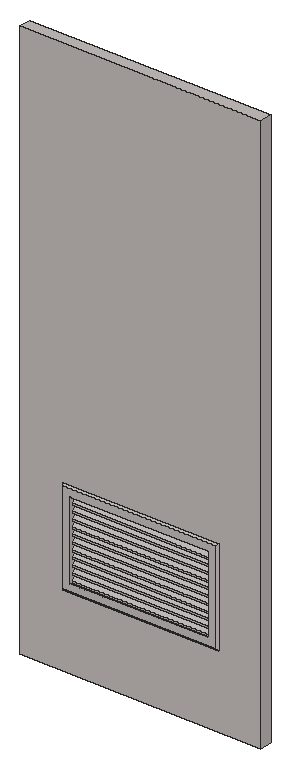
Revit family "Door-Panel_Galaxy-Metal-Doors_Louver", category Doors, Revit 2026
Family settings
  Classification Number = 23.30.10.11.14
  Work Plane-Based = No
  Always vertical = Yes
  Cut with Voids When Loaded = No
  Shared = Yes
  Room Calculation Point = No
Parameters
  offset [instance] = 0' - 0"
  Width [instance] = 3' - 0"
  Warranty Duration (Years) = 0
  URL = "galaxymetalproducts.com"
  Thickness [instance] = 0' - 1 3/4"
  Specification = "http://www.arcat.com/sd/clients/galaxyme.html?coid=48404"
  SpecWizard = ""
  Send Message = "http://www.arcat.com/arcatcos/cos48/arc48404.html"
  Sales Information = "http://www.arcat.com/arcatcos/cos48/arc48404.html"
  Revision = "R1_04-2017"
  Rail Width Base = 1' - 0"
  Product Properties = ""
  Product Data = "http://www.arcat.com/arcatcos/cos48/arc48404.html"
  Panel Material [instance] = Metal - Steel - Galaxy - Primed
  Model = "As Specified"
  Manufacturer Website = "http://galaxymetalproducts.com/"
  Manufacturer Phone - Toll Free = "800-294-8199"
  Manufacturer Phone = "800-294-8199"
  Manufacturer Fax = ""
  Manufacturer Address = "2960 Woodbridge Ave. Edison, NJ 08837"
  Manufacturer = "Galaxy Metal Products, LLC"
  Maintenance Schedule (Months) = 0
  Louver Width = 1' - 9"
  Louver Height = 1' - 0"
  Keynote = "08 11 10"
  Installation-Fabrication = ""
  Installation Phase = ""
  Height [instance] = 7' - 0"
  Green Building-LEED = "http://www.arcat.com/green/clients/leed_data_48404.html"
  Function = Interior
  Expected Lifespan (Years) = 0
  Drawn By = "Sumex Design, Inc. / Robert S. Weygant, CSI, CDT, SCIP"
  Description = ""
  Copyright = "©Arcat Inc."
  Construction Details = "http://www.arcat.com/details/galaxyme/prod3845.html"
  Assembly Code = "C1020110"
Reference planes (in)
  plane 1 "Center (Front/Back)": y = 0
  plane 2 "Bottom": z = 0
  plane 3 "Center (Left/Right)": x = 0
  plane 4 "Front": y = -0.875
  plane 5 "Back": y = 0.875
  plane 6 "Left": x = -18
  plane 7 "Right": x = 18
  plane 8 "Top": z = 84
  plane 9: z = 42
  plane 10: x = -10.5
  plane 11: x = 10.5
  plane 12: z = 12
  plane 13: z = 24
Forms (in)
  Extrusion 1, solid, material "Metal - Steel - Galaxy - Primed" <- "Panel Material"
    sketch origin (-11.94222, 0.875, 48) x (-1, 0, 0) y (0, 0, 1)
      loop
        line (6.05778, 36) -> (-29.94222, 36) -> (-29.94222, -48) -> (6.05778, -48) -> (6.05778, 36)
      loop
        line (-1.44222, -24) -> (-22.44222, -24) -> (-22.44222, -36) -> (-1.44222, -36) -> (-1.44222, -24)
    from 0 to -1.75
Lines and regions (in)
  symbolic lines, style "Plan Swing"
    curve 1: arc (-18, 0.875, 0) -> (-7.45584, 26.33084, 0) -> (18, 36.875, 0) r 36
    curve 2: line (18, 0.875, 0) -> (16.25, 0.875, 0)
    curve 3: line (18, 36.875, 0) -> (18, 0.875, 0)
    curve 4: line (16.25, 36.875, 0) -> (18, 36.875, 0)
    curve 5: line (16.25, 0.875, 0) -> (16.25, 36.875, 0)
  symbolic lines, style "Elevation Swing"
    curve 6: line (-18, 0, 84) -> (18, 0, 42)
    curve 7: line (18, 0, 42) -> (-18, 0, 0)
Dimensions and locks (in)
  equal spacing: plane 6 "Left", plane 3 "Center (Left/Right)", plane 7 "Right"
  "Width": plane 6 "Left" to plane 7 "Right"
  equal spacing: plane 5 "Back", plane 1 "Center (Front/Back)", plane 4 "Front"
  "Thickness": plane 5 "Back" to plane 4 "Front"
  "Height": plane 8 "Top" to plane 2 "Bottom"
  "Width": curve 4 to plane 5 "Back"
  "Thickness": curve 5 to plane 7 "Right"
  equal spacing: plane 8 "Top", plane 9, level
  equal spacing: plane 11, plane 3 "Center (Left/Right)", plane 10
  "Louver Width": plane 11 to plane 10
  "Rail Width Base": plane 12 to level
  "Louver Height": plane 13 to plane 12
  aligned and locked: Extrusion 1 to plane 4 "Front"
  aligned and locked: plane 3 "Center (Left/Right)" to nested 1
  aligned and locked: plane 1 "Center (Front/Back)" to nested 1
  aligned and locked: plane 12 to nested 1
  aligned and locked: plane 2 "Bottom" to level
Automatic sketch dimensions
  curve 1 to plane 5 "Back" = 0' - 0"
  curve 1 to plane 6 "Left" = 0' - 0"
  curve 5 to plane 5 "Back" = 0' - 0"
  curve 3 to plane 7 "Right" = 0' - 0"
  curve 7 to level = 0' - 0"
  curve 7 to plane 6 "Left" = 0' - 0"
  curve 6 to plane 6 "Left" = 0' - 0"
  curve 6 to plane 7 "Right" = 0' - 0"
  curve 6 to plane 9 = 0' - 0"
  curve 6 to plane 8 "Top" = 0' - 0"
  Extrusion 1 sketch curve to plane 7 "Right" = 0' - 0"
  Extrusion 1 sketch curve to plane 11 = 0' - 0"
  Extrusion 1 sketch curve to plane 10 = 0' - 0"
  Extrusion 1 sketch curve to level = 0' - 0"
  Extrusion 1 sketch curve to plane 6 "Left" = 0' - 0"
  Extrusion 1 sketch curve to plane 12 = 0' - 0"
  Extrusion 1 sketch curve to plane 13 = 0' - 0"
  Extrusion 1 sketch curve to plane 8 "Top" = 0' - 0"
Nested families (in)
  nested 1: "LouverPanel" at (0, 0, 12), Material <- "Panel Material", Width <- "Louver Width", Thickness <- "Thickness", Height <- "Louver Height", type "LouverPanel"
    with offset 0' - 0", lw 1' - 8 5/8", Width 1' - 9", Thickness 0' - 1 3/4", Material Metal - Steel - Galaxy - Primed, Louvers 11, Height 1' - 0"
Definition of nested family "LouverPanel"
  Parameters
    offset [instance] = 0' - 0"
    lw [instance] = Width - 0' 0 3/8"  # 1' - 11 5/8"
    Width [instance] = 2' - 0"
    Warranty Duration (Years) = 0
    URL = ""
    Thickness [instance] = 0' - 1 3/4"
    Revision = ""
    Model = "As Specified"
    Material [instance] = none
    Manufacturer = ""
    Maintenance Schedule (Months) = 0
    Louvers [instance] = Height / 0' 1 1/16"  # 34
    Keynote = ""
    Installation Phase = ""
    Height [instance] = 3' - 0"
    Expected Lifespan (Years) = 0
    Drawn By = "Sumex Design, Inc. / Robert S. Weygant, CSI, CDT, SCIP"
    Description = ""
    Copyright = "©Arcat Inc."
    Assembly Code = ""
  Reference planes (in)
    plane 1 "Center (Front/Back)": y = 0
    plane 2 "Bottom": z = 0
    plane 3 "Center (Left/Right)": x = 0
    plane 4 "Front": y = -0.875
    plane 5 "Back": y = 0.875
    plane 6 "Left": x = -12
    plane 7 "Right": x = 12
    plane 8 "Top": z = 36
  Forms (in)
    Sweep 1, solid, material <- "Material"
      path origin (0, 0, 0) x (1, 0, 0) y (0, 0, 1)
        loop
          line (-12, 36) -> (-12, 0) -> (12, 0) -> (12, 36) -> (-12, 36)
      profile origin (0, 0, 36) x (0, 0, 1) y (0, -1, 0)
        loop
          line (0, -0.875) -> (0, 0.875) -> (1.1875, 0.875) -> (0.9375, 1.125) -> (-0.1875, 1.125) -> (-0.1875, -1.125) -> (0.90625, -1.125) -> (1.15625, -0.875) -> (0, -0.875)
  Dimensions and locks (in)
    equal spacing: plane 6 "Left", plane 3 "Center (Left/Right)", plane 7 "Right"
    "Width": plane 6 "Left" to plane 7 "Right"
    equal spacing: plane 5 "Back", plane 1 "Center (Front/Back)", plane 4 "Front"
    "Thickness": plane 5 "Back" to plane 4 "Front"
    "Height": plane 8 "Top" to level
    locked: Sweep 1 sketch curve to plane 5 "Back" at 0.25
    locked: plane 4 "Front" to Sweep 1 sketch curve at 0.25
    equal spacing: group 1, group 3, group 4, group 5, group 6, group 7, group 8, group 9, group 10, group 11, group 12, group 13, group 14, group 15, group 16, group 17, group 18, group 19, group 20, group 21, group 22, group 23, group 24, group 25, group 26, group 27, group 28, group 29, group 30, group 31, group 32, group 33, group 34, group 2  (x2)
    equal spacing: group 2, group 34, group 33, group 32, group 31, group 30, group 29, group 28, group 27, group 26, group 25, group 24, group 23, group 22, group 21, group 20, group 19, group 18, group 17, group 16, group 15, group 14, group 13, group 12, group 11, group 10, group 9, group 8, group 7, group 6, group 5, group 4, group 3, group 1
    locked: plane 8 "Top" to nested 2 at 0.1875
    locked: nested 1 to level at 0.25
    aligned and locked: Sweep 1 sketch curve to plane 5 "Back"
    aligned and locked: Sweep 1 sketch curve to plane 4 "Front"
    aligned and locked: plane 1 "Center (Front/Back)" to nested 1
    aligned and locked: plane 1 "Center (Front/Back)" to nested 2
    aligned and locked: plane 3 "Center (Left/Right)" to nested 1
    aligned and locked: plane 3 "Center (Left/Right)" to nested 2
  Automatic sketch dimensions
    Sweep 1 sketch curve to level = 0' - 0"
    Sweep 1 sketch curve to plane 6 "Left" = 0' - 0"
    Sweep 1 sketch curve to plane 7 "Right" = 0' - 0"
    Sweep 1 sketch curve to plane 8 "Top" = 0' - 0"
    Sweep 1 sketch curve to profile plane = 0' - 0"
    Sweep 1 sketch curve to profile plane = 0' - 0 15/16"
    Sweep 1 sketch curve to profile plane = 0' - 0 29/32"
    Sweep 1 sketch curve to Sweep 1 sketch curve = 0' - 0 1/4"  (x2)
    profile plane to Sweep 1 sketch curve = 0' - 0 3/16"
  Nested families (in)
    nested 1: "Louver" at (0, 0, 0.25), Material <- "Material", Width <- "lw", type "Louver"
      with offset 0' - 0", Width 1' - 11 5/8", Thickness 0' - 1 3/4", Material none
    nested 2: "Louver" at (0, 0, 34.5625), Material <- "Material", Width <- "lw", type "Louver"
      with offset 0' - 0", Width 1' - 11 5/8", Thickness 0' - 1 3/4", Material none
    nested 3: "Louver" at (0, 0, 1.28977), Material <- "Material", Width <- "lw", type "Louver"
      with offset 0' - 0", Width 1' - 11 5/8", Thickness 0' - 1 3/4", Material none
    nested 4: "Louver" at (0, 0, 2.32955), Material <- "Material", Width <- "lw", type "Louver"
      with offset 0' - 0", Width 1' - 11 5/8", Thickness 0' - 1 3/4", Material none
    nested 5: "Louver" at (0, 0, 3.36932), Material <- "Material", Width <- "lw", type "Louver"
      with offset 0' - 0", Width 1' - 11 5/8", Thickness 0' - 1 3/4", Material none
    nested 6: "Louver" at (0, 0, 4.40909), Material <- "Material", Width <- "lw", type "Louver"
      with offset 0' - 0", Width 1' - 11 5/8", Thickness 0' - 1 3/4", Material none
    nested 7: "Louver" at (0, 0, 5.44886), Material <- "Material", Width <- "lw", type "Louver"
      with offset 0' - 0", Width 1' - 11 5/8", Thickness 0' - 1 3/4", Material none
    nested 8: "Louver" at (0, 0, 6.48864), Material <- "Material", Width <- "lw", type "Louver"
      with offset 0' - 0", Width 1' - 11 5/8", Thickness 0' - 1 3/4", Material none
    nested 9: "Louver" at (0, 0, 7.52841), Material <- "Material", Width <- "lw", type "Louver"
      with offset 0' - 0", Width 1' - 11 5/8", Thickness 0' - 1 3/4", Material none
    nested 10: "Louver" at (0, 0, 8.56818), Material <- "Material", Width <- "lw", type "Louver"
      with offset 0' - 0", Width 1' - 11 5/8", Thickness 0' - 1 3/4", Material none
    nested 11: "Louver" at (0, 0, 9.60795), Material <- "Material", Width <- "lw", type "Louver"
      with offset 0' - 0", Width 1' - 11 5/8", Thickness 0' - 1 3/4", Material none
    nested 12: "Louver" at (0, 0, 10.64773), Material <- "Material", Width <- "lw", type "Louver"
      with offset 0' - 0", Width 1' - 11 5/8", Thickness 0' - 1 3/4", Material none
    nested 13: "Louver" at (0, 0, 11.6875), Material <- "Material", Width <- "lw", type "Louver"
      with offset 0' - 0", Width 1' - 11 5/8", Thickness 0' - 1 3/4", Material none
    nested 14: "Louver" at (0, 0, 12.72727), Material <- "Material", Width <- "lw", type "Louver"
      with offset 0' - 0", Width 1' - 11 5/8", Thickness 0' - 1 3/4", Material none
    nested 15: "Louver" at (0, 0, 13.76705), Material <- "Material", Width <- "lw", type "Louver"
      with offset 0' - 0", Width 1' - 11 5/8", Thickness 0' - 1 3/4", Material none
    nested 16: "Louver" at (0, 0, 14.80682), Material <- "Material", Width <- "lw", type "Louver"
      with offset 0' - 0", Width 1' - 11 5/8", Thickness 0' - 1 3/4", Material none
    nested 17: "Louver" at (0, 0, 15.84659), Material <- "Material", Width <- "lw", type "Louver"
      with offset 0' - 0", Width 1' - 11 5/8", Thickness 0' - 1 3/4", Material none
    nested 18: "Louver" at (0, 0, 16.88636), Material <- "Material", Width <- "lw", type "Louver"
      with offset 0' - 0", Width 1' - 11 5/8", Thickness 0' - 1 3/4", Material none
    nested 19: "Louver" at (0, 0, 17.92614), Material <- "Material", Width <- "lw", type "Louver"
      with offset 0' - 0", Width 1' - 11 5/8", Thickness 0' - 1 3/4", Material none
    nested 20: "Louver" at (0, 0, 18.96591), Material <- "Material", Width <- "lw", type "Louver"
      with offset 0' - 0", Width 1' - 11 5/8", Thickness 0' - 1 3/4", Material none
    nested 21: "Louver" at (0, 0, 20.00568), Material <- "Material", Width <- "lw", type "Louver"
      with offset 0' - 0", Width 1' - 11 5/8", Thickness 0' - 1 3/4", Material none
    nested 22: "Louver" at (0, 0, 21.04545), Material <- "Material", Width <- "lw", type "Louver"
      with offset 0' - 0", Width 1' - 11 5/8", Thickness 0' - 1 3/4", Material none
    nested 23: "Louver" at (0, 0, 22.08523), Material <- "Material", Width <- "lw", type "Louver"
      with offset 0' - 0", Width 1' - 11 5/8", Thickness 0' - 1 3/4", Material none
    nested 24: "Louver" at (0, 0, 23.125), Material <- "Material", Width <- "lw", type "Louver"
      with offset 0' - 0", Width 1' - 11 5/8", Thickness 0' - 1 3/4", Material none
    nested 25: "Louver" at (0, 0, 24.16477), Material <- "Material", Width <- "lw", type "Louver"
      with offset 0' - 0", Width 1' - 11 5/8", Thickness 0' - 1 3/4", Material none
    nested 26: "Louver" at (0, 0, 25.20455), Material <- "Material", Width <- "lw", type "Louver"
      with offset 0' - 0", Width 1' - 11 5/8", Thickness 0' - 1 3/4", Material none
    nested 27: "Louver" at (0, 0, 26.24432), Material <- "Material", Width <- "lw", type "Louver"
      with offset 0' - 0", Width 1' - 11 5/8", Thickness 0' - 1 3/4", Material none
    nested 28: "Louver" at (0, 0, 27.28409), Material <- "Material", Width <- "lw", type "Louver"
      with offset 0' - 0", Width 1' - 11 5/8", Thickness 0' - 1 3/4", Material none
    nested 29: "Louver" at (0, 0, 28.32386), Material <- "Material", Width <- "lw", type "Louver"
      with offset 0' - 0", Width 1' - 11 5/8", Thickness 0' - 1 3/4", Material none
    nested 30: "Louver" at (0, 0, 29.36364), Material <- "Material", Width <- "lw", type "Louver"
      with offset 0' - 0", Width 1' - 11 5/8", Thickness 0' - 1 3/4", Material none
    nested 31: "Louver" at (0, 0, 30.40341), Material <- "Material", Width <- "lw", type "Louver"
      with offset 0' - 0", Width 1' - 11 5/8", Thickness 0' - 1 3/4", Material none
    nested 32: "Louver" at (0, 0, 31.44318), Material <- "Material", Width <- "lw", type "Louver"
      with offset 0' - 0", Width 1' - 11 5/8", Thickness 0' - 1 3/4", Material none
    nested 33: "Louver" at (0, 0, 32.48295), Material <- "Material", Width <- "lw", type "Louver"
      with offset 0' - 0", Width 1' - 11 5/8", Thickness 0' - 1 3/4", Material none
    nested 34: "Louver" at (0, 0, 33.52273), Material <- "Material", Width <- "lw", type "Louver"
      with offset 0' - 0", Width 1' - 11 5/8", Thickness 0' - 1 3/4", Material none
  Definition of nested family "Louver"
    Parameters
      offset [instance] = 0' - 0"
      Width [instance] = 2' - 0"
      Warranty Duration (Years) = 0
      URL = ""
      Thickness [instance] = 0' - 1 3/4"
      Revision = ""
      Model = "As Specified"
      Material [instance] = none
      Manufacturer = ""
      Maintenance Schedule (Months) = 0
      Keynote = ""
      Installation Phase = ""
      Height = 0' - 1 1/4"
      Expected Lifespan (Years) = 0
      Drawn By = "Sumex Design, Inc. / Robert S. Weygant, CSI, CDT, SCIP"
      Description = ""
      Copyright = "©Arcat Inc."
      Assembly Code = ""
    Reference planes (in)
      plane 1 "Center (Front/Back)": y = 0
      plane 2 "Bottom": z = 0
      plane 3 "Center (Left/Right)": x = 0
      plane 4 "Left": x = -12
      plane 5 "Right": x = 12
      plane 6 "Top": z = 1.25
    Forms (in)
      Extrusion 1, solid, material <- "Material"
        sketch origin (-12, 16.34522, 48) x (0, 1, 0) y (0, 0, 1)
          loop
            line (-15.49165, -48) -> (-15.49165, -47.72872) -> (-16.31497, -46.9054) -> (-16.31497, -46.75) -> (-16.37547, -46.75) -> (-16.37547, -46.9054) -> (-17.19879, -47.72872) -> (-17.19879, -48) -> (-17.13629, -48) -> (-17.13629, -47.75461) -> (-16.34522, -46.96354) -> (-15.55415, -47.75461) -> (-15.55415, -48) -> (-15.49165, -48)
        from 0 to 24
    Dimensions and locks (in)
      equal spacing: plane 4 "Left", plane 3 "Center (Left/Right)", plane 5 "Right"
      "Width": plane 4 "Left" to plane 5 "Right"
      "Height": plane 6 "Top" to level
      aligned and locked: plane 5 "Right" to Extrusion 1
    Automatic sketch dimensions
      Extrusion 1 sketch curve to level = 0' - 0"  (x2)
      Extrusion 1 sketch curve to plane 6 "Top" = 0' - 0"
      Extrusion 1 sketch curve to plane 1 "Center (Front/Back)" = 0' - 0"
      plane 1 "Center (Front/Back)" to Extrusion 1 sketch curve = 0' - 0.03025"
      plane 1 "Center (Front/Back)" to Extrusion 1 sketch curve = 0' - 0.79107"
      Extrusion 1 sketch curve to Extrusion 1 sketch curve = 0' - 0 1/16"  (x2)
      Extrusion 1 sketch curve to plane 1 "Center (Front/Back)" = 0' - 0.03025"
      Extrusion 1 sketch curve to plane 1 "Center (Front/Back)" = 0' - 0.79107"
      level to Extrusion 1 sketch curve = 0' - 0.27128"
      Extrusion 1 sketch curve to Extrusion 1 sketch curve = 0' - 0.02589"  (x2)
      Extrusion 1 sketch curve to Extrusion 1 sketch curve = 0' - 0.24539"
      Extrusion 1 sketch curve to Extrusion 1 sketch curve = 0' - 0.05814"
      Extrusion 1 sketch curve to Extrusion 1 sketch curve = 0' - 0"
